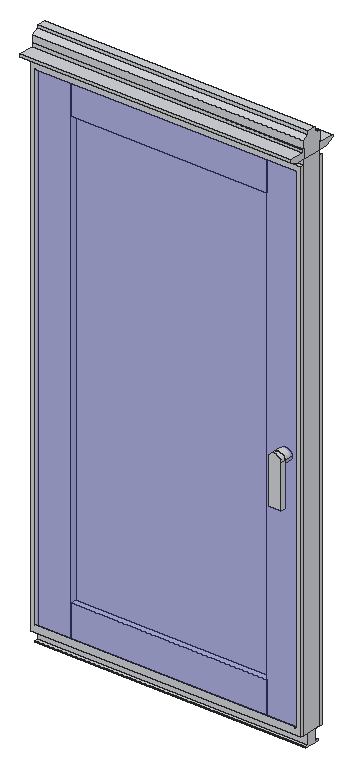
Revit family "Wall-Panel_Operable-Partition_Moderco_Crystal-Series-DoorSingle", category Curtain Panels, Revit 2026
Family settings
  Classification Number = 23.25.40.17
  Always vertical = Yes
  Cut with Voids When Loaded = No
  Shared = No
Parameters (values of type "as Specified")
  blindsvisible [instance] = and(Include Interior Blinds, Blinds Visible)  # yes
  Warranty Duration (Years) = 0
  Use = "Single"
  URL = "http://moderco.com/"
  Type Comments = "Glazing is not included with the Wall Panel."
  Track Type [instance] = Overhead Tracks : Track 33 with W Trim
  Threshold Material [instance] = none
  Test Data = ""
  Stile Width [instance] = 0' - 6"
  Specification = "http://www.arcat.com/sdspecs/htm04/10_22_26mpi.htm"
  Send Message = ""
  Seal Height_Bottom [instance] = 0' - 2"
  Sales Information = "http://moderco.com/contact/"
  STC Rating [instance] = 0
  Revision = "R1_2015-09"
  Rail Height_Top [instance] = 0' - 6"
  Rail Height_Bottom [instance] = 0' - 6"
  Product Properties = ""
  Product Data = "http://www.arcat.com/arcatcos/cos34/arc34266.html"
  Panel Width [instance] = 3' - 8"
  Panel Thickness = 0' - 4"
  Panel Height [instance] = 7' - 2"
  Model = "Crystal"
  Max Height = 12' - 0"
  Manufacturer Website = "http://moderco.com/"
  Manufacturer Phone - Toll Free = "800-363-3150"
  Manufacturer Phone = "450-641-3150"
  Manufacturer Fax = "450-641-4965 or 800-231-4965"
  Manufacturer Address = "115 de Lauzon   Boucherville, QC, Canada J4B 1E7"
  Manufacturer = "Moderco, Inc"
  Maintenance Schedule (Months) = 0
  Keynote = "10 22 26"
  Interior Finish [instance] = none
  Installation-Fabrication = ""
  Installation Phase = ""
  Include Interior Blinds [instance] = yes
  Hardware Finish [instance] = none
  Green Building-LEED = ""
  Glazing Type [instance] = "Glazing By Others as Specified"
  Glazing Tint [instance] = Glass
  Glazing Thickness = 0' - 0 1/4"
  Glazing Configuration [instance] = "as Specified"
  Frame Material [instance] = none
  Exterior Finish [instance] = none
  Expected Lifespan (Years) = 0
  Drawn By = "Sumex Design, Inc. / Robert S. Weygant, CSI, CDT, SCIP"
  Description = "Moderco Crystal Series Door Panel as Specified"
  Copyright = "©Arcat Inc."
  Construction Details = "http://www.arcat.com/details/moderco/moderco.html?coid=34266"
  Building Codes = ""
  Blinds Visible [instance] = yes
  Blinds Finish [instance] = none
  Assembly Code = "C1010300"
Reference planes (in)
  plane 1 "Front": y = 0
  plane 2: z = 0
  plane 3 "Center (Left/Right)": x = 0
  plane 4 "Left": x = -22
  plane 5 "Right": x = 22
  plane 6 "Top": z = 86
  plane 7: y = 2
  plane 8: y = -2
  plane 9: z = 2
  plane 10: z = 85
  plane 11: x = -16
  plane 12: x = 16
  plane 13: z = 79
  plane 14: z = 8
  plane 15: z = 42
  plane 16: z = 43
Forms (in)
  Extrusion 1, solid, material "Glass" <- "Glazing Tint"
    sketch origin (22, 0, 0) x (0, -1, 0) y (0, 0, 1)
      loop
        line (1.875, 2) -> (1.875, 85) -> (1.75, 85) -> (1.75, 2) -> (1.875, 2)
    from 0 to 44
  Extrusion 2, solid, material <- "Exterior Finish"
    sketch origin (22, 0, 0) x (0, 1, 0) y (0, 0, -1)
      loop
        line (1.875, -2) -> (1.75, -2) -> (1.75, -85) -> (1.875, -85) -> (1.875, -2)
    from 0 to 44
  Extrusion 3, solid, material <- "Interior Finish"
    sketch origin (0, 0, 0) x (1, 0, 0) y (0, 1, 0)
      loop
        line (-22, 1.5) -> (-22, -1.5) -> (-16, -1.5) -> (-16, 1.5) -> (-22, 1.5)
      loop
        line (22, 1.5) -> (16, 1.5) -> (16, -1.5) -> (22, -1.5) -> (22, 1.5)
    from 2 to 86
  Extrusion 4, solid, material <- "Threshold Material"
    sketch origin (22, 0, 0) x (0, -1, 0) y (0, 0, 1)
      loop
        line (2, 2.87546) -> (-2, 2.87546) -> (-2, 3.12546) -> (-2.125, 3.12546) -> (-2.125, 2) -> (-0.75, 2) -> (-0.75, 0.25) -> (-1.25, 0.25) -> (-1.25, 0) -> (1.25, 0) -> (1.25, 0.25) -> (0.75, 0.25) -> (0.75, 2) -> (2.125, 2) -> (2.125, 3.12546) -> (2, 3.12546) -> (2, 2.87546)
    from 0 to 44
  Extrusion 5, solid, material <- "Threshold Material"
    sketch origin (22, 0, 0) x (0, -1, 0) y (0, 0, 1)
      loop
        line (2, 84.5) -> (2, 84.25) -> (2.125, 84.25) -> (2.125, 85.125) -> (0.875, 85.125) -> (0.875, 86) -> (-0.875, 86) -> (-0.875, 85.125) -> (-2.125, 85.125) -> (-2.125, 84.25) -> (-2, 84.25) -> (-2, 84.5) -> (2, 84.5)
    from 0 to 44
  Extrusion 6, solid, material <- "Threshold Material"
    sketch origin (0, 0, 0) x (1, 0, 0) y (0, 0, 1)
      loop
        line (-22, 85) -> (-22, 2) -> (-21.25, 2) -> (-21.25, 85) -> (-22, 85)
      loop
        line (22, 85) -> (21.25, 85) -> (21.25, 2) -> (22, 2) -> (22, 85)
    from -2.125 to 2.125
  Extrusion 7, solid, material <- "Interior Finish"
    sketch origin (22, 0, 0) x (0, -1, 0) y (0, 0, 1)
      loop
        line (1.5, 2.12546) -> (1.5, 8) -> (-1.5, 8) -> (-1.5, 2.12546) -> (1.5, 2.12546)
      loop
        line (1.5, 85) -> (-1.5, 85) -> (-1.5, 79) -> (1.5, 79) -> (1.5, 85)
    from 6 to 38
  Extrusion 8, solid, material <- "Blinds Finish", visible <- "blindsvisible"
    sketch origin (0, 0, 0) x (1, 0, 0) y (0, 0, 1)
      loop
        line (-16, 79) -> (-16, 8) -> (16, 8) -> (16, 79) -> (-16, 79)
    from -0.5 to 0.5
  Extrusion 9, solid, material <- "Hardware Finish"
    sketch origin (0, 0, 0) x (1, 0, 0) y (0, 0, 1)
      loop
        circle (19, 42) r 1
    from -3 to 3
  Extrusion 10, solid, material <- "Hardware Finish"
    sketch origin (0, 0, 0) x (1, 0, 0) y (0, 0, 1)
      loop
        line (18, 42) -> (18, 35) -> (20, 35) -> (20, 42)
        arc (20, 42) -> (19, 43) -> (18, 42) r 1
    from 3 to 3.72228
  Extrusion 11, solid, material <- "Hardware Finish"
    sketch origin (0, 0, 0) x (1, 0, 0) y (0, 0, -1)
      loop
        arc (18, -42) -> (19, -43) -> (20, -42) r 1
        line (20, -42) -> (20, -35) -> (18, -35) -> (18, -42)
    from 3 to 3.72228
Cuts and joins
  joined: Extrusion 4, Extrusion 5, Extrusion 6
Lines and regions (in)
  model lines
    curve 1: line (-22, 2.125, 0) -> (9.1127, 33.2377, 0)
    curve 2: arc (22, 2.125, 0) -> (18.6507, 18.96307, 0) -> (9.1127, 33.2377, 0) r 44
    curve 3: line (22, 2.125, 0) -> (-22, 2.125, 0)
  model lines, style "CurtainWallPanelsHiddenLines"
    curve 4: line (22, -2, 86) -> (-22, -2, 43)
    curve 5: line (-22, -2, 43) -> (22, -2, 0)
    curve 6: line (22, 2, 86) -> (-22, 2, 43)
    curve 7: line (-22, 2, 43) -> (22, 2, 0)
Text (in)
  text "Exterior" at (-54.29358, 31.38743, 0), in view "Ref. Level"
  text "Exterior" at (480, 41.53993, 89.60405), in view "Right"
  text "Exterior" at (-240, 57.82419, 105.78864), in view "Left"
Dimensions and locks (in)
  equal spacing: plane 4 "Left", plane 3 "Center (Left/Right)", plane 5 "Right"
  equal spacing: plane 7, plane 1 "Front", plane 8
  "Panel Thickness": plane 7 to plane 8
  "Panel Height": plane 6 "Top" to level
  "Panel Width": plane 4 "Left" to plane 5 "Right"
  "Seal Height_Bottom": plane 9 to plane 2
  locked: plane 8 to Extrusion 1 sketch curve at 0.25
  locked: Extrusion 2 sketch curve to plane 7 at 0.25
  locked: plane 7 to Extrusion 3 sketch curve at 0.5  (x2)
  locked: Extrusion 3 sketch curve to plane 8 at 0.5  (x2)
  locked: Extrusion 4 sketch curve to plane 8 at 0.125
  locked: plane 7 to Extrusion 4 sketch curve at 0.125
  Extrusion 4 sketch curve to plane 1 "Front" to Extrusion 4 sketch curve = 0' - 0 3/4" locked, 0' - 0 3/4" locked
  locked: plane 10 to plane 6 "Top" at 1
  Extrusion 5 sketch curve to plane 8 to Extrusion 5 sketch curve = 0' - 0 1/8" locked, 0' - 1 1/8"
  Extrusion 5 sketch curve to plane 7 to Extrusion 5 sketch curve = 0' - 1 1/8", 0' - 0 1/8" locked
  "Rail Height_Bottom": plane 14 to plane 9
  "Rail Height_Top": plane 10 to plane 13
  "Stile Width": plane 4 "Left" to plane 11
  "Stile Width": plane 12 to plane 5 "Right"
  Extrusion 4 sketch curve to plane 1 "Front" to Extrusion 4 sketch curve = 0' - 1 1/4" locked, 0' - 1 1/4" locked
  locked: plane 4 "Left" to Extrusion 6 sketch curve at 0.75
  locked: Extrusion 6 sketch curve to plane 5 "Right" at 0.75
  locked: plane 8 to Extrusion 1 sketch curve at 0.125
  locked: Extrusion 2 sketch curve to plane 7 at 0.125
  locked: Extrusion 7 sketch curve to plane 9 at 0.12546
  locked: plane 10 to Extrusion 7 sketch curve at 0
  locked: plane 15 to level at 42
  equal spacing: plane 5 "Right", Extrusion 9 sketch curve, plane 12
  equal spacing: plane 5 "Right", Extrusion 10 sketch curve, plane 12
  locked: Extrusion 10 sketch curve to Extrusion 10 sketch curve at 2
  equal spacing: plane 5 "Right", Extrusion 11 sketch curve, plane 12
  locked: Extrusion 11 sketch curve to Extrusion 11 sketch curve at 2
  equal spacing: plane 6 "Top", plane 16, level
  aligned and locked: plane 3 "Center (Left/Right)" to nested 1
  aligned: plane 8 to Extrusion 1 sketch curve
  aligned and locked: Extrusion 2 sketch curve to plane 9
  aligned and locked: plane 9 to Extrusion 1 sketch curve
  aligned and locked: plane 4 "Left" to Extrusion 1
  aligned and locked: Extrusion 1 to plane 5 "Right"
  aligned and locked: plane 4 "Left" to Extrusion 2
  aligned and locked: Extrusion 2 to plane 5 "Right"
  aligned and locked: plane 4 "Left" to Extrusion 3 sketch curve
  aligned and locked: plane 5 "Right" to Extrusion 3 sketch curve
  aligned and locked: Extrusion 3 to plane 6 "Top"
  aligned and locked: Extrusion 3 to plane 9
  aligned and locked: plane 2 to Extrusion 4 sketch curve
  aligned and locked: plane 4 "Left" to Extrusion 4
  aligned and locked: Extrusion 4 to plane 5 "Right"
  aligned and locked: Extrusion 1 sketch curve to plane 10
  aligned and locked: plane 10 to Extrusion 2 sketch curve
  aligned and locked: plane 4 "Left" to Extrusion 5
  aligned and locked: Extrusion 5 to plane 5 "Right"
  aligned and locked: Extrusion 6 sketch curve to plane 4 "Left"
  aligned and locked: Extrusion 6 sketch curve to plane 10
  aligned and locked: plane 9 to Extrusion 6 sketch curve
  aligned and locked: Extrusion 6 sketch curve to plane 9
  aligned and locked: Extrusion 6 sketch curve to plane 5 "Right"
  aligned and locked: plane 10 to Extrusion 6 sketch curve
  aligned and locked: Extrusion 4 sketch curve to plane 9
  aligned and locked: plane 9 to Extrusion 4 sketch curve
  aligned and locked: plane 11 to Extrusion 3 sketch curve
  aligned and locked: plane 12 to Extrusion 3 sketch curve
  aligned and locked: plane 14 to Extrusion 7 sketch curve
  aligned and locked: Extrusion 7 sketch curve to plane 13
  aligned and locked: Extrusion 7 to plane 11
  aligned and locked: plane 12 to Extrusion 7
  aligned and locked: Extrusion 8 sketch curve to Extrusion 7  (x4)
Automatic sketch dimensions
  Extrusion 7 sketch curve to plane 7 = 0' - 0 1/2"  (x2)
  plane 8 to Extrusion 7 sketch curve = 0' - 0 1/2"  (x2)
  Extrusion 9 sketch curve to plane 15 = 0' - 0"
  Extrusion 10 sketch curve to plane 15 = 0' - 0"
  Extrusion 10 sketch curve to plane 15 = 0' - 7"
  Extrusion 11 sketch curve to plane 15 = 0' - 0"
  Extrusion 11 sketch curve to plane 15 = 0' - 7"
  Extrusion 4 sketch curve to plane 7 = 0' - 0"
  Extrusion 4 sketch curve to plane 8 = 0' - 0"
  Extrusion 4 sketch curve to Extrusion 4 sketch curve = 0' - 0 1/4"  (x4)
  plane 9 to Extrusion 4 sketch curve = 0' - 0.87546"
  Extrusion 5 sketch curve to plane 7 = 0' - 0"
  Extrusion 5 sketch curve to plane 8 = 0' - 0"
  plane 6 "Top" to Extrusion 5 sketch curve = 0' - 0"
  plane 10 to Extrusion 5 sketch curve = 0' - 0 1/8"  (x2)
  Extrusion 5 sketch curve to plane 10 = 0' - 0 1/2"
  Extrusion 5 sketch curve to Extrusion 5 sketch curve = 0' - 0 1/4"  (x2)
  curve 3 to plane 4 "Left" = 0' - 0"
  curve 2 to plane 4 "Left" = 0' - 0"
  curve 3 to plane 5 "Right" = 0' - 0"
  curve 2 to plane 12 = 0' - 6.8873"
  plane 7 to curve 3 = 0' - 0 1/8"
  curve 5 to level = 0' - 0"
  plane 5 "Right" to curve 5 = 0' - 0"
  plane 5 "Right" to curve 4 = 0' - 0"
  curve 5 to plane 16 = 0' - 0"
  curve 4 to plane 6 "Top" = 0' - 0"
  plane 4 "Left" to curve 5 = 0' - 0"
  curve 7 to level = 0' - 0"
  plane 5 "Right" to curve 7 = 0' - 0"
  plane 5 "Right" to curve 6 = 0' - 0"
  plane 4 "Left" to curve 7 = 0' - 0"
  curve 6 to plane 16 = 0' - 0"
  curve 6 to plane 6 "Top" = 0' - 0"
  radius of Extrusion 9 sketch curve = 0' - 1"
Nested families (in)
  nested 1: "Overhead Tracks" at (0, 0, 0), length <- "Panel Width", Height <- "Panel Height", type <- "Track Type", finish <- "Frame Material", type "Track 33 with W Trim"
    with length 3' - 8", finish none, built-in parameter 1001300 7' - 2", track width 0' - 3 1/4", halftrackwidth 0' - 1 5/8", W Trim yes, No 552 no, No 33 yes, L Trim no
Definition of nested family "Overhead Tracks"
  Parameters
    track width = 0' - 3 1/8"
    length [instance] = 4' - 3.58097"
    halftrackwidth = track width / 2  # 0' - 1 9/16"
    finish [instance] = none
    W Trim = no
    No 556 = no
    No 552 = yes
    No 45 = no
    No 33 = no
    L Trim = yes
    Height [instance] = 5' - 5.60265"
    Default Elevation = 4' - 0"
    Assembly Code = ""
  Reference planes (in)
    plane 1 "Center (Front/Back)": y = 0
    plane 2: z = 0
    plane 3 "Center (Left/Right)": x = 0
    plane 4: z = 65.60265
    plane 5: x = -25.79049
    plane 6: x = 25.79049
  Forms (in)
    Extrusion 1, solid, material <- "finish", visible <- "No 33"
      sketch origin (0, 0, 0) x (0, 1, 0) y (0, 0, 1)
        loop
          line (1.625, 65.60265) -> (1.625, 68.34747) -> (0.75, 68.85265) -> (0.75, 69.35265) -> (-0.75, 69.35265) -> (-0.75, 68.85265) -> (-1.625, 68.34747) -> (-1.625, 65.60265) -> (1.625, 65.60265)
      from -25.79049 to 25.79049
    Extrusion 2, solid, material <- "finish", visible <- "L Trim"
      sketch origin (0, 0, 0) x (0, 1, 0) y (0, 0, 1)
        loop
          line (-1.5625, 65.60265) -> (-1.5625, 67.10265) -> (-1.6875, 67.10265) -> (-1.6875, 65.72765) -> (-3.0625, 65.72765) -> (-3.0625, 65.60265) -> (-1.5625, 65.60265)
        loop
          line (1.5625, 65.60265) -> (3.0625, 65.60265) -> (3.0625, 65.72765) -> (1.6875, 65.72765) -> (1.6875, 67.10265) -> (1.5625, 67.10265) -> (1.5625, 65.60265)
      from -25.79049 to 25.79049
    Extrusion 3, solid, material <- "finish", visible <- "W Trim"
      sketch origin (0, 0, 0) x (0, 1, 0) y (0, 0, 1)
        loop
          line (-1.5625, 65.60265) -> (-1.5625, 67.10265) -> (-1.6875, 67.10265) -> (-1.6875, 66.60265) -> (-4.1875, 66.60265) -> (-4.1875, 66.22765) -> (-3.10497, 65.60265) -> (-1.5625, 65.60265)
        loop
          line (1.5625, 65.60265) -> (3.10497, 65.60265) -> (4.1875, 66.22765) -> (4.1875, 66.60265) -> (1.6875, 66.60265) -> (1.6875, 67.10265) -> (1.5625, 67.10265) -> (1.5625, 65.60265)
      from -25.79049 to 25.79049
    Extrusion 4, solid, material <- "finish", visible <- "No 45"
      sketch origin (0, 0, 0) x (0, 1, 0) y (0, 0, 1)
        loop
          line (-1.125, 65.60265) -> (1.125, 65.60265) -> (1.125, 67.35265) -> (0.75, 67.35265) -> (0.75, 68.22765) -> (-0.75, 68.22765) -> (-0.75, 67.35265) -> (-1.125, 67.35265) -> (-1.125, 65.60265)
      from -25.79049 to 25.79049
    Extrusion 5, solid, material <- "finish", visible <- "No 552"
      sketch origin (0, 0, 0) x (0, 1, 0) y (0, 0, 1)
        loop
          line (1.5625, 65.60265) -> (1.5625, 68.85265) -> (1.25, 68.85265) -> (1.25, 69.35265) -> (-1.25, 69.35265) -> (-1.25, 68.85265) -> (-1.5625, 68.85265) -> (-1.5625, 65.60265) -> (1.5625, 65.60265)
      from -25.79049 to 25.79049
    Extrusion 6, solid, material <- "finish", visible <- "No 556"
      sketch origin (0, 0, 0) x (0, 1, 0) y (0, 0, 1)
        loop
          line (-1.5625, 65.60265) -> (1.5625, 65.60265) -> (1.5625, 70.29015) -> (1.4375, 70.29015) -> (1.4375, 71.04015) -> (-1.4375, 71.04015) -> (-1.4375, 70.29015) -> (-1.5625, 70.29015) -> (-1.5625, 65.60265)
      from -25.79049 to 25.79049
  Dimensions and locks (in)
    "Height": plane 4 to level
    equal spacing: plane 6, plane 3 "Center (Left/Right)", plane 5
    "length": plane 6 to plane 5
    "halftrackwidth": Extrusion 2 sketch curve to plane 1 "Center (Front/Back)"
    "halftrackwidth": plane 1 "Center (Front/Back)" to Extrusion 2 sketch curve
    Extrusion 2 sketch curve to Extrusion 2 sketch curve to Extrusion 2 sketch curve = 0' - 1 3/8" locked, 0' - 0 1/8" locked
    Extrusion 2 sketch curve to Extrusion 2 sketch curve to Extrusion 2 sketch curve = 0' - 0 1/8" locked, 0' - 1 3/8" locked
    Extrusion 3 sketch curve to Extrusion 3 sketch curve to Extrusion 3 sketch curve to Extrusion 3 sketch curve = 0' - 1.08253" locked, 0' - 1.41747" locked, 0' - 0 1/8" locked
    Extrusion 3 sketch curve to Extrusion 3 sketch curve to Extrusion 3 sketch curve to Extrusion 3 sketch curve = 0' - 0 1/8" locked, 0' - 1.41747" locked, 0' - 1.08253" locked
    "halftrackwidth": Extrusion 3 sketch curve to plane 1 "Center (Front/Back)"
    "halftrackwidth": plane 1 "Center (Front/Back)" to Extrusion 3 sketch curve
    aligned and locked: plane 2 to level
    aligned and locked: plane 6 to Extrusion 1
    aligned and locked: Extrusion 1 to plane 5
    aligned and locked: plane 6 to Extrusion 3
    aligned and locked: Extrusion 3 to plane 5
    aligned and locked: plane 6 to Extrusion 4
    aligned and locked: Extrusion 4 to plane 5
    aligned and locked: plane 6 to Extrusion 2
    aligned and locked: Extrusion 2 to plane 5
    aligned and locked: Extrusion 6 to plane 5
    aligned and locked: plane 6 to Extrusion 6
    aligned and locked: plane 6 to Extrusion 5
    aligned and locked: Extrusion 5 to plane 5
  Automatic sketch dimensions
    Extrusion 1 sketch curve to plane 4 = 0' - 0"
    plane 1 "Center (Front/Back)" to Extrusion 1 sketch curve = 0' - 1 5/8"
    plane 1 "Center (Front/Back)" to Extrusion 1 sketch curve = 0' - 0 3/4"
    Extrusion 1 sketch curve to plane 1 "Center (Front/Back)" = 0' - 0 3/4"
    Extrusion 1 sketch curve to Extrusion 1 sketch curve = 0' - 0 7/8"
    plane 4 to Extrusion 1 sketch curve = 0' - 2.74482"
    Extrusion 1 sketch curve to Extrusion 1 sketch curve = 0' - 0.50518"  (x2)
    Extrusion 1 sketch curve to Extrusion 1 sketch curve = 0' - 0 1/2"
    Extrusion 1 sketch curve to Extrusion 1 sketch curve = 0' - 1.00518"
    Extrusion 2 sketch curve to plane 4 = 0' - 0"  (x2)
    plane 4 to Extrusion 2 sketch curve = 0' - 0 1/8"  (x2)
    Extrusion 2 sketch curve to Extrusion 2 sketch curve = 0' - 1 3/8"  (x2)
    Extrusion 4 sketch curve to plane 4 = 0' - 0"
    plane 1 "Center (Front/Back)" to Extrusion 4 sketch curve = 0' - 0 3/4"
    plane 1 "Center (Front/Back)" to Extrusion 4 sketch curve = 0' - 1 1/8"
    Extrusion 4 sketch curve to Extrusion 4 sketch curve = 0' - 1 3/4"  (x2)
    Extrusion 4 sketch curve to Extrusion 4 sketch curve = 0' - 0 7/8"
    Extrusion 4 sketch curve to plane 1 "Center (Front/Back)" = 0' - 0 3/4"
    Extrusion 4 sketch curve to Extrusion 4 sketch curve = 0' - 0 3/8"
    Extrusion 3 sketch curve to plane 4 = 0' - 0"  (x2)
    plane 4 to Extrusion 3 sketch curve = 0' - 0 5/8"  (x2)
    plane 4 to Extrusion 3 sketch curve = 0' - 1"
    Extrusion 3 sketch curve to Extrusion 3 sketch curve = 0' - 0 3/8"
    Extrusion 3 sketch curve to Extrusion 3 sketch curve = 0' - 0 1/2"  (x2)
    Extrusion 5 sketch curve to plane 4 = 0' - 0"
    plane 1 "Center (Front/Back)" to Extrusion 5 sketch curve = 0' - 1 1/4"
    Extrusion 5 sketch curve to Extrusion 5 sketch curve = 0' - 0 5/16"
    plane 4 to Extrusion 5 sketch curve = 0' - 3 1/4"
    Extrusion 5 sketch curve to Extrusion 5 sketch curve = 0' - 0"
    Extrusion 5 sketch curve to Extrusion 5 sketch curve = 0' - 0 1/2"
    Extrusion 5 sketch curve to plane 1 "Center (Front/Back)" = 0' - 1 1/4"
    Extrusion 5 sketch curve to plane 1 "Center (Front/Back)" = 0' - 1 9/16"
    Extrusion 6 sketch curve to plane 4 = 0' - 0"
    plane 1 "Center (Front/Back)" to Extrusion 6 sketch curve = 0' - 1 7/16"
    plane 1 "Center (Front/Back)" to Extrusion 6 sketch curve = 0' - 1 9/16"
    Extrusion 6 sketch curve to Extrusion 6 sketch curve = 0' - 0 1/8"
    plane 4 to Extrusion 6 sketch curve = 0' - 4 11/16"
    Extrusion 6 sketch curve to Extrusion 6 sketch curve = 0' - 0"
    Extrusion 6 sketch curve to Extrusion 6 sketch curve = 0' - 0 3/4"
    Extrusion 6 sketch curve to plane 1 "Center (Front/Back)" = 0' - 1 7/16"
